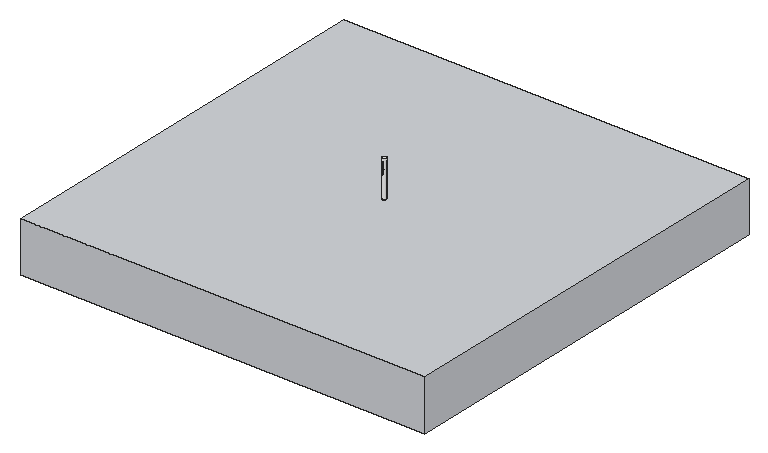
Revit family (continued)
Definition of nested family "10257-A_Base"
  Automatic sketch dimensions
    radius of Extrusion 3 sketch curve = 0' - 0.04814"
    radius of Extrusion 4 sketch curve = 0' - 0.04814"
    radius of Extrusion 5 sketch curve = 0' - 0.04814"
    radius of Extrusion 6 sketch curve = 0' - 0.04814"
    radius of Extrusion 7 sketch curve = 0' - 0.04814"
    radius of Extrusion 8 sketch curve = 0' - 0.04814"
    radius of Extrusion 9 sketch curve = 0' - 0.04814"
    radius of Extrusion 10 sketch curve = 0' - 0.04814"
    radius of Extrusion 11 sketch curve = 0' - 0.04814"
    radius of Extrusion 12 sketch curve = 0' - 0.04814"
    radius of Extrusion 13 sketch curve = 0' - 0.04814"
    radius of Extrusion 14 sketch curve = 0' - 0.04814"
    radius of Extrusion 15 sketch curve = 0' - 0.04814"
    radius of Extrusion 16 sketch curve = 0' - 0.04814"
    radius of Extrusion 17 sketch curve = 0' - 0.04814"
    radius of Extrusion 18 sketch curve = 0' - 0.04814"
    radius of Extrusion 19 sketch curve = 0' - 0.04814"
    radius of Extrusion 20 sketch curve = 0' - 0.04814"
    radius of Extrusion 21 sketch curve = 0' - 0.04814"
    radius of Extrusion 22 sketch curve = 0' - 0.04814"
    radius of Extrusion 23 sketch curve = 0' - 0.04814"
    radius of Extrusion 24 sketch curve = 0' - 0.04814"
    radius of Extrusion 25 sketch curve = 0' - 0.04814"
    radius of Extrusion 26 sketch curve = 0' - 0.04814"
    radius of Extrusion 27 sketch curve = 0' - 0.04814"
    radius of Extrusion 28 sketch curve = 0' - 0.04814"
    radius of Extrusion 29 sketch curve = 0' - 0.04814"
    radius of Extrusion 30 sketch curve = 0' - 0.04814"
    radius of Extrusion 31 sketch curve = 0' - 0.04814"
    radius of Extrusion 32 sketch curve = 0' - 0.04814"
    radius of Extrusion 33 sketch curve = 0' - 0.04814"
    radius of Extrusion 34 sketch curve = 0' - 0.04814"
    radius of Extrusion 35 sketch curve = 0' - 0.04814"
    radius of Extrusion 36 sketch curve = 0' - 0.04814"
    radius of Extrusion 37 sketch curve = 0' - 0.04814"
    radius of Extrusion 38 sketch curve = 0' - 0.04814"
    radius of Extrusion 39 sketch curve = 0' - 0.04814"
    radius of Extrusion 40 sketch curve = 0' - 0.04814"
    radius of Extrusion 41 sketch curve = 0' - 0.04814"
    radius of Extrusion 42 sketch curve = 0' - 0.04814"
    radius of Extrusion 43 sketch curve = 0' - 0.04814"
    radius of Extrusion 44 sketch curve = 0' - 0.04814"
    radius of Extrusion 45 sketch curve = 0' - 0.04814"
    radius of Extrusion 46 sketch curve = 0' - 0.04814"
    radius of Extrusion 47 sketch curve = 0' - 0.04814"
    radius of Extrusion 48 sketch curve = 0' - 0.04814"
    radius of Extrusion 49 sketch curve = 0' - 0.04814"
    radius of Extrusion 50 sketch curve = 0' - 0.04814"
    radius of Extrusion 51 sketch curve = 0' - 0.04814"
    radius of Extrusion 52 sketch curve = 0' - 0.04814"
    radius of Extrusion 53 sketch curve = 0' - 0.04814"
    radius of Extrusion 54 sketch curve = 0' - 0.04814"
    radius of Extrusion 55 sketch curve = 0' - 0.04814"
    radius of Extrusion 56 sketch curve = 0' - 0.04814"
    radius of Extrusion 57 sketch curve = 0' - 0.04814"
    radius of Extrusion 58 sketch curve = 0' - 0.04814"
    radius of Extrusion 59 sketch curve = 0' - 0.04814"
    radius of Extrusion 60 sketch curve = 0' - 0.04814"
    radius of Extrusion 61 sketch curve = 0' - 0.04814"
    radius of Extrusion 62 sketch curve = 0' - 0.04814"
    radius of Extrusion 63 sketch curve = 0' - 0.04814"
    radius of Extrusion 64 sketch curve = 0' - 0.04814"
    radius of Extrusion 65 sketch curve = 0' - 0.04814"
    radius of Extrusion 66 sketch curve = 0' - 0.04814"
    radius of Extrusion 67 sketch curve = 0' - 0.04814"
    radius of Extrusion 68 sketch curve = 0' - 0.04814"
    radius of curve 22 = 0' - 0.04814"
    radius of curve 23 = 0' - 0.04813"
    radius of curve 24 = 0' - 0.04811"
    radius of curve 25 = 0' - 0.04813"
    radius of curve 26 = 0' - 0.04813"
    radius of curve 27 = 0' - 0.04814"
    radius of curve 28 = 0' - 0.04813"
    radius of curve 29 = 0' - 0.04811"
    radius of curve 30 = 0' - 0.04813"
    radius of curve 31 = 0' - 0.04813"
    radius of curve 32 = 0' - 0.04814"
    radius of curve 33 = 0' - 0.04813"
    radius of curve 34 = 0' - 0.04811"
    radius of curve 35 = 0' - 0.04813"
    radius of curve 36 = 0' - 0.04813"
    radius of curve 37 = 0' - 0.04814"
    radius of curve 38 = 0' - 0.04813"
    radius of curve 39 = 0' - 0.04811"
    radius of curve 40 = 0' - 0.04813"
    radius of curve 41 = 0' - 0.04813"
    radius of curve 42 = 0' - 0.04814"
    radius of curve 43 = 0' - 0.04813"
    radius of curve 44 = 0' - 0.04811"
    radius of curve 45 = 0' - 0.04813"
    radius of curve 46 = 0' - 0.04813"
    radius of curve 47 = 0' - 0.04814"
    radius of curve 48 = 0' - 0.04813"
    radius of curve 49 = 0' - 0.04811"
    radius of curve 50 = 0' - 0.04813"
    radius of curve 51 = 0' - 0.04813"
    radius of curve 52 = 0' - 0.04814"
    radius of curve 53 = 0' - 0.04813"
    radius of curve 54 = 0' - 0.04811"
    radius of curve 55 = 0' - 0.04813"
    radius of curve 56 = 0' - 0.04813"
    radius of curve 57 = 0' - 0.04814"
    radius of curve 58 = 0' - 0.04813"
    radius of curve 59 = 0' - 0.04811"
    radius of curve 60 = 0' - 0.04813"
    radius of curve 61 = 0' - 0.04813"
    radius of curve 62 = 0' - 0.04814"
    radius of curve 63 = 0' - 0.04813"
    radius of curve 64 = 0' - 0.04811"
    radius of curve 65 = 0' - 0.04813"
    radius of curve 66 = 0' - 0.04813"
    radius of curve 67 = 0' - 0.04814"
    radius of curve 68 = 0' - 0.04813"
    radius of curve 69 = 0' - 0.04811"
    radius of curve 70 = 0' - 0.04813"
    radius of curve 71 = 0' - 0.04813"
    radius of curve 72 = 0' - 0.04814"
    radius of curve 73 = 0' - 0.04813"
    radius of curve 74 = 0' - 0.04811"
    radius of curve 75 = 0' - 0.04813"
    radius of curve 76 = 0' - 0.04813"
    radius of curve 77 = 0' - 0.04814"
    radius of curve 78 = 0' - 0.04813"
    radius of curve 79 = 0' - 0.04811"
    radius of curve 80 = 0' - 0.04813"
    radius of curve 81 = 0' - 0.04813"
    radius of curve 82 = 0' - 0.04814"
    radius of curve 83 = 0' - 0.04813"
    radius of curve 17 = 0' - 0.04814"
    radius of curve 21 = 0' - 0.04814"
    radius of curve 20 = 0' - 0.04814"
    radius of curve 19 = 0' - 0.04814"
    radius of curve 18 = 0' - 0.04814"
Types (3): name | Finish
  (no name) | Chrome-Kohler-CP-Polished Chrome
  Chrome-CP-Polished_Chrome | Chrome-Kohler-CP-Polished Chrome
  Nickel-BN-Vibrant_Brushed_Nickel | Nickel-Kohler-BN-Vibrant Brushed Nickel
